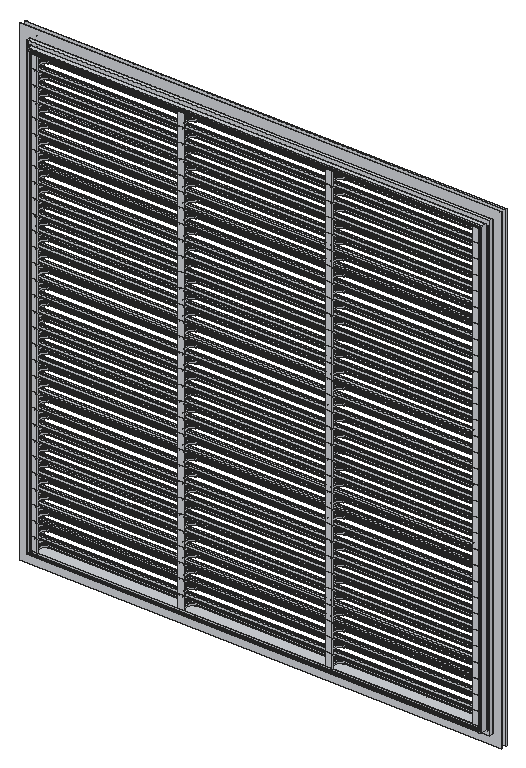
Revit family "NLRS_00_GM_Akoesische raamrooster_ST-445-86GL-24_Storax", category Generic Models, Revit 2019
Family settings
  Can host rebar = No
  Round Connector Dimension = Use Diameter
  Part Type = Normal
  Work Plane-Based = Yes
  Always vertical = No
  Cut with Voids When Loaded = Yes
  Shared = No
  Room Calculation Point = No
Parameters
  Width [instance] = 2000 mm
  VerticalSpacingLamel = 60 mm  # constant formula
  Rooster Start = 62.5 mm
  Rooster End = 62.5 mm
  LamellendragerHoH [instance] = 500 mm
  LamellendragerArayNumber [instance] = (Width - ArrayStartLeft - ArrayStartRight) / LamellendragerHoH  # 4
  Height [instance] = 2000 mm
  Default Elevation = 1219.2 mm
  Calculated Width Rooster [instance] = Width - Rooster Start - Rooster End  # 1875 mm
  Calculated Heigth Rooster [instance] = Calculated Height - 62.5 * 2 mm  # 1869 mm
  Calculated Height [instance] = round((Height - 14 mm) / VerticalSpacingLamel) * VerticalSpacingLamel + 14 mm  # 1994 mm
  Blade Number MODIFIER [instance] = 0
  Blade Height [instance] = Height - (2 mm * 62.5)  # 1875 mm
  ArrayStartRight [instance] = ArrayStartLeft  # 80 mm
  ArrayStartLeft [instance] = 80 mm
Reference planes
  plane 1 "Center (Front/Back)": y = 0
  plane 2 "Bottom": z = 0
  plane 3 "Left": x = 0
  plane 4 "Right": x = 2000
  plane 5 "Top": z = 1994
  plane 6: x = 80
  plane 7: x = 1920
  plane 8: z = 2000
  plane 9: x = 62.5
  plane 10: x = 1937.5
Forms (mm)
  Sweep 1, solid
    path origin (0, 0, 0) x (1, 0, 0) y (0, 0, 1)
      loop
        line (0, 1994) -> (0, 0) -> (2000, 0) -> (2000, 1994) -> (0, 1994)
    profile "Profiel_ST-445-86GL-24 : Profiel_ST-445-86GL-24" origin (1000, 0, 1994) x (0, 0, 1) y (0, -1, 0)
      loop
        line (-50.3, 56.8) -> (-50.3, 54.3)
        arc (-50.3, 54.3) -> (-50.446, 53.946) -> (-50.8, 53.8) r 0.5
        line (-50.8, 53.8) -> (-51.8, 53.8)
        arc (-51.8, 53.8) -> (-52.154, 53.946) -> (-52.3, 54.3) r 0.5
        line (-52.3, 54.3) -> (-52.3, 56.8) -> (-55.5, 56.8) -> (-55.5, -3) -> (-52.3, -3) -> (-52.3, -0.5)
        arc (-52.3, -0.5) -> (-52.154, -0.146) -> (-51.8, 0) r 0.5
        line (-51.8, 0) -> (-50.8, 0)
        arc (-50.8, 0) -> (-50.446, -0.146) -> (-50.3, -0.5) r 0.5
        line (-50.3, -0.5) -> (-50.3, -3) -> (-42, -3) -> (-42, 19)
        arc (-42, 19) -> (-41.121, 21.121) -> (-39, 22) r 3
        line (-39, 22) -> (-34, 22) -> (-34, 42) -> (-39, 42)
        arc (-39, 42) -> (-41.121, 42.879) -> (-42, 45) r 3
        line (-42, 45) -> (-42, 56.8) -> (-50.3, 56.8)
      loop
        line (0, 42) -> (0, 44) -> (-39, 44)
        arc (-39, 44) -> (-39.707, 44.293) -> (-40, 45) r 1
        line (-40, 45) -> (-40, 58.8) -> (-54.5, 58.8)
        arc (-54.5, 58.8) -> (-55.207, 59.093) -> (-55.5, 59.8) r 1
        line (-55.5, 59.8) -> (-55.5, 80.5)
        arc (-55.5, 80.5) -> (-56.5, 81.5) -> (-57.5, 80.5) r 1
        line (-57.5, 80.5) -> (-57.5, 76.5) -> (-61.5, 76.5) -> (-61.5, 79.025)
        arc (-61.5, 79.025) -> (-61.325, 80.72) -> (-63, 80.405) r 1.063
        line (-63, 80.405) -> (-63, 76.5) -> (-71, 76.5) -> (-71, 75) -> (-57.5, 75) -> (-57.5, -5) -> (-40, -5) -> (-40, 19)
        arc (-40, 19) -> (-39.707, 19.707) -> (-39, 20) r 1
        line (-39, 20) -> (0, 20) -> (0, 22) -> (-32, 22) -> (-32, 42) -> (0, 42)
Dimensions and locks
  "Width": plane 4 "Right" to plane 3 "Left"
  "Calculated Height": plane 5 "Top" to plane 2 "Bottom"
  equal spacing: group 1, group 3, group 4, group 2  (x3)
  "ArrayStartLeft": plane 6 to plane 3 "Left"
  "ArrayStartRight": plane 4 "Right" to plane 7
  "Height": plane 8 to plane 2 "Bottom"
  "Rooster Start": plane 9 to plane 3 "Left"
  "Rooster End": plane 4 "Right" to plane 10
  plane 3 "Left" to Sweep 1 = 57.5 mm
  aligned and locked: level to plane 2 "Bottom"
  aligned and locked: Sweep 1 sketch curve to plane 5 "Top"
  aligned and locked: plane 3 "Left" to Sweep 1 sketch curve
  aligned and locked: Sweep 1 sketch curve to plane 2 "Bottom"
  aligned and locked: Sweep 1 sketch curve to plane 4 "Right"
  aligned and locked: nested 1 to plane 6
  aligned and locked: nested 2 to plane 7
  aligned and locked: nested 3 to plane 9
Nested families
  nested 1: "NLRS_21_GM_Lamellenhouder_ST-060-AC-11-12" at (80, -75, 66.394) x (0, -1, 0) z (0, 0, 1), Length <- "Blade Height", Blade Number MODIFIER <- "Blade Number MODIFIER", type "NLRS_21_GM_Lamellenhouder_ST-060-AC-11-12"
    with Length 1875 mm, Blade Spacing 60 mm, Blade Number MODIFIER 0, Blade Number 31
  nested 2: "NLRS_21_GM_Lamellenhouder_ST-060-AC-11-12" at (1920, -75, 66.394) x (0, -1, 0) z (0, 0, 1), Length <- "Blade Height", Blade Number MODIFIER <- "Blade Number MODIFIER", type "NLRS_21_GM_Lamellenhouder_ST-060-AC-11-12"
    with Length 1875 mm, Blade Spacing 60 mm, Blade Number MODIFIER 0, Blade Number 31
  nested 3: "NLRS_21_GM_Lamellenrooster_ST-060-AC-11-12" at (1000, -60.49, 62.5) x (0, -1, 0) z (0, 0, 1), Length <- "Calculated Heigth Rooster", Width <- "Calculated Width Rooster", type "NLRS_21_GM_Lamellenrooster_ST-060-AC-11-12"
    with Width 1875 mm, Length 1869 mm, Blade Spacing 60 mm, Blade Number MODIFIER 0, Blade Number 31
  nested 4: "NLRS_21_GM_Lamellenhouder_ST-060-AC-11-12" at (693.333, -75, 66.394) x (0, -1, 0) z (0, 0, 1), Length <- "Blade Height", Blade Number MODIFIER <- "Blade Number MODIFIER", type "NLRS_21_GM_Lamellenhouder_ST-060-AC-11-12"
    with Length 1875 mm, Blade Spacing 60 mm, Blade Number MODIFIER 0, Blade Number 31
  nested 5: "NLRS_21_GM_Lamellenhouder_ST-060-AC-11-12" at (1306.667, -75, 66.394) x (0, -1, 0) z (0, 0, 1), Length <- "Blade Height", Blade Number MODIFIER <- "Blade Number MODIFIER", type "NLRS_21_GM_Lamellenhouder_ST-060-AC-11-12"
    with Length 1875 mm, Blade Spacing 60 mm, Blade Number MODIFIER 0, Blade Number 31
Definition of nested family "NLRS_21_GM_Lamellenhouder_ST-060-AC-11-12"
  Parameters (values of type "NLRS_21_GM_Lamellenhouder_ST-060-AC-11-12")
    Length [instance] = 600 mm
    Blade Spacing [instance] = 60 mm
    Blade Number MODIFIER [instance] = 0
    Blade Number [instance] = (Length / Blade Spacing) + Blade Number MODIFIER  # 10
  Reference planes
    plane 1 "Center (Front/Back)": y = 0
    plane 2: z = 0
    plane 3 "Center (Left/Right)": x = 0
    plane 4: z = 600
    plane 5: z = 60
    plane 6: z = 120
    plane 7: z = 180
    plane 8: z = 240
    plane 9: z = 300
    plane 10: z = 0
    plane 11: z = 60
    plane 12: z = 120
    plane 13: z = 180
    plane 14: z = 240
    plane 15: z = 360
    plane 16: z = 300
    plane 17: z = 420
    plane 18: z = 360
    plane 19: z = 480
    plane 20: z = 420
    plane 21: z = 540
    plane 22: z = 480
    plane 23: z = 600
    plane 24: z = 540
  Dimensions and locks
    equal spacing: group 1, group 2, group 3, group 4, group 5, group 6, group 7, group 8, group 9, group 10  (x3)
    "Blade Spacing": plane 5 to plane 10
    "Length": plane 4 to level
    aligned and locked: level to plane 2
  Nested families
    nested 1: "NLRS_00_GM_PRF_ST-060-AC-11-12" at (0, 0, 0) x (0, -1, 0) z (0, 0, 1), type "NLRS_00_GM_PRF_ST-060-AC-11-12"
    nested 2: "NLRS_00_GM_PRF_ST-060-AC-11-12" at (0, 0, 60) x (0, -1, 0) z (0, 0, 1), type "NLRS_00_GM_PRF_ST-060-AC-11-12"
    nested 3: "NLRS_00_GM_PRF_ST-060-AC-11-12" at (0, 0, 120) x (0, -1, 0) z (0, 0, 1), type "NLRS_00_GM_PRF_ST-060-AC-11-12"
    nested 4: "NLRS_00_GM_PRF_ST-060-AC-11-12" at (0, 0, 180) x (0, -1, 0) z (0, 0, 1), type "NLRS_00_GM_PRF_ST-060-AC-11-12"
    nested 5: "NLRS_00_GM_PRF_ST-060-AC-11-12" at (0, 0, 240) x (0, -1, 0) z (0, 0, 1), type "NLRS_00_GM_PRF_ST-060-AC-11-12"
    nested 6: "NLRS_00_GM_PRF_ST-060-AC-11-12" at (0, 0, 300) x (0, -1, 0) z (0, 0, 1), type "NLRS_00_GM_PRF_ST-060-AC-11-12"
    nested 7: "NLRS_00_GM_PRF_ST-060-AC-11-12" at (0, 0, 360) x (0, -1, 0) z (0, 0, 1), type "NLRS_00_GM_PRF_ST-060-AC-11-12"
    nested 8: "NLRS_00_GM_PRF_ST-060-AC-11-12" at (0, 0, 420) x (0, -1, 0) z (0, 0, 1), type "NLRS_00_GM_PRF_ST-060-AC-11-12"
    nested 9: "NLRS_00_GM_PRF_ST-060-AC-11-12" at (0, 0, 480) x (0, -1, 0) z (0, 0, 1), type "NLRS_00_GM_PRF_ST-060-AC-11-12"
    nested 10: "NLRS_00_GM_PRF_ST-060-AC-11-12" at (0, 0, 540) x (0, -1, 0) z (0, 0, 1), type "NLRS_00_GM_PRF_ST-060-AC-11-12"
  Definition of nested family "NLRS_00_GM_PRF_ST-060-AC-11-12"
    Parameters
      Connector width = 232.51 mm
    Reference planes
      plane 1 "Center (Front/Back)": y = 0
      plane 2: z = 0
      plane 3 "Center (Left/Right)": x = 0
    Forms (mm)
      Sweep 1, solid
        path origin (0, 0, 0) x (1, 0, 0) y (0, 1, 0)
          loop
            line (14, 0) -> (-14, 0)
        profile "NLRS_00_PRF_ST-060-AC-11-12 : NLRS_00_PRF_ST-060-AC-11-12" origin (0, 0, 0) x (0, -1, 0) y (0, 0, 1)
          loop
            line (59.317, -1.551) -> (61.193, -4) -> (62.7, -4)
            arc (62.7, -4) -> (63.148, -3.721) -> (63.097, -3.196) r 0.5
            line (63.097, -3.196) -> (59.833, 1.065) -> (61.013, 2.146) -> (62.362, 0.908)
            arc (62.362, 0.908) -> (62.901, 0.819) -> (63.2, 1.276) r 0.5
            line (63.2, 1.276) -> (63.2, 3.671)
            arc (63.2, 3.671) -> (62.006, 5.502) -> (59.85, 5.147) r 2
            line (59.85, 5.147) -> (59.115, 4.474)
            arc (59.115, 4.474) -> (58.076, 3.975) -> (56.934, 4.131) r 2
            line (56.934, 4.131) -> (31.126, 15.917)
            arc (31.126, 15.917) -> (27.409, 17.191) -> (23.515, 17.713) r 20
            line (23.515, 17.713) -> (3.965, 18.395)
            arc (3.965, 18.395) -> (3.281, 18.7) -> (3, 19.395) r 1
            line (3, 19.395) -> (3, 49.245)
            arc (3, 49.245) -> (3.746, 50.802) -> (5.426, 51.199) r 2
            arc (5.426, 51.199) -> (10.671, 49.093) -> (14.935, 45.385) r 17
            arc (14.935, 45.385) -> (16.062, 44.536) -> (17.453, 44.296) r 3
            arc (17.453, 44.296) -> (18.649, 44.459) -> (19.684, 45.08) r 3
            line (19.684, 45.08) -> (21.901, 47.117)
            arc (21.901, 47.117) -> (22.411, 49.316) -> (20.547, 50.59) r 2
            line (20.547, 50.59) -> (17.044, 50.59) -> (18.78, 48.323) -> (17.598, 47.238) -> (15.328, 49.322)
            arc (15.328, 49.322) -> (9.588, 53.012) -> (2.943, 54.557) r 20
            arc (2.943, 54.557) -> (2.273, 54.869) -> (2, 55.555) r 1
            line (2, 55.555) -> (2, 60) -> (0, 60) -> (0, 0) -> (2.1, 0) -> (2.1, -4) -> (4, -4) -> (4, 2) -> (3, 2) -> (3, 11.168)
            arc (3, 11.168) -> (3.586, 12.582) -> (5, 13.168) r 2
            line (5, 13.168) -> (24.169, 13.168)
            arc (24.169, 13.168) -> (27.297, 12.859) -> (30.304, 11.945) r 16
            line (30.304, 11.945) -> (55.213, 1.604)
            arc (55.213, 1.604) -> (57.473, 0.297) -> (59.317, -1.551) r 10
    Dimensions and locks
      aligned and locked: level to plane 2
Definition of nested family "NLRS_21_GM_Lamellenrooster_ST-060-AC-11-12"
  Parameters (values of type "NLRS_21_GM_Lamellenrooster_ST-060-AC-11-12")
    Width [instance] = 600 mm
    Length [instance] = 600 mm
    Blade Spacing [instance] = 60 mm
    Blade Number MODIFIER [instance] = 0
    Blade Number [instance] = (Length / Blade Spacing) + Blade Number MODIFIER  # 10
  Reference planes
    plane 1 "Center (Front/Back)": y = 0
    plane 2: z = 0
    plane 3 "Center (Left/Right)": x = 0
    plane 4: z = 600
    plane 5: z = 60
    plane 6: z = 0
    plane 7: z = 0
    plane 8: z = 120
    plane 9: z = 60
    plane 10: z = 180
    plane 11: z = 120
    plane 12: z = 240
    plane 13: z = 180
    plane 14: z = 300
    plane 15: z = 240
    plane 16: z = 360
    plane 17: z = 300
    plane 18: z = 420
    plane 19: z = 360
    plane 20: z = 480
    plane 21: z = 420
    plane 22: z = 540
    plane 23: z = 480
    plane 24: z = 600
    plane 25: z = 540
  Dimensions and locks
    "Blade Spacing": plane 5 to plane 6
    "Length": plane 4 to level
    equal spacing: group 1, group 2, group 3, group 4, group 5, group 6, group 7, group 8, group 9, group 10  (x3)
    aligned and locked: level to plane 2
  Nested families
    nested 1: "NLRS_00_GM_PRF_Rooster" at (-63.988, 0, 0) x (0, -1, 0) z (0, 0, 1), Width <- "Width", type "NLRS_00_GM_PRF_Rooster"
      with Width 600 mm, Length 500 mm
    nested 2: "NLRS_00_GM_PRF_Rooster" at (-63.988, 0, 60) x (0, -1, 0) z (0, 0, 1), Width <- "Width", type "NLRS_00_GM_PRF_Rooster"
      with Width 600 mm, Length 500 mm
    nested 3: "NLRS_00_GM_PRF_Rooster" at (-63.988, 0, 120) x (0, -1, 0) z (0, 0, 1), Width <- "Width", type "NLRS_00_GM_PRF_Rooster"
      with Width 600 mm, Length 500 mm
    nested 4: "NLRS_00_GM_PRF_Rooster" at (-63.988, 0, 180) x (0, -1, 0) z (0, 0, 1), Width <- "Width", type "NLRS_00_GM_PRF_Rooster"
      with Width 600 mm, Length 500 mm
    nested 5: "NLRS_00_GM_PRF_Rooster" at (-63.988, 0, 240) x (0, -1, 0) z (0, 0, 1), Width <- "Width", type "NLRS_00_GM_PRF_Rooster"
      with Width 600 mm, Length 500 mm
    nested 6: "NLRS_00_GM_PRF_Rooster" at (-63.988, 0, 300) x (0, -1, 0) z (0, 0, 1), Width <- "Width", type "NLRS_00_GM_PRF_Rooster"
      with Width 600 mm, Length 500 mm
    nested 7: "NLRS_00_GM_PRF_Rooster" at (-63.988, 0, 360) x (0, -1, 0) z (0, 0, 1), Width <- "Width", type "NLRS_00_GM_PRF_Rooster"
      with Width 600 mm, Length 500 mm
    nested 8: "NLRS_00_GM_PRF_Rooster" at (-63.988, 0, 420) x (0, -1, 0) z (0, 0, 1), Width <- "Width", type "NLRS_00_GM_PRF_Rooster"
      with Width 600 mm, Length 500 mm
    nested 9: "NLRS_00_GM_PRF_Rooster" at (-63.988, 0, 480) x (0, -1, 0) z (0, 0, 1), Width <- "Width", type "NLRS_00_GM_PRF_Rooster"
      with Width 600 mm, Length 500 mm
    nested 10: "NLRS_00_GM_PRF_Rooster" at (-63.988, 0, 540) x (0, -1, 0) z (0, 0, 1), Width <- "Width", type "NLRS_00_GM_PRF_Rooster"
      with Width 600 mm, Length 500 mm
  Definition of nested family "NLRS_00_GM_PRF_Rooster"
    Parameters (values of type "NLRS_00_GM_PRF_Rooster")
      Width [instance] = 900 mm
      Length [instance] = 500 mm
      Connector width = 232.51 mm
    Reference planes
      plane 1 "Center (Front/Back)": y = 0
      plane 2: z = 0
      plane 3 "Center (Left/Right)": x = 0
      plane 4: x = -450
      plane 5: x = 450
    Forms (mm)
      Sweep 1, solid
        path origin (0, 0, 0) x (1, 0, 0) y (0, 1, 0)
          loop
            line (450, 0) -> (-450, 0)
        profile "NLRS_00_GM_PRF_Akoestische Rooster : NLRS_00_GM_PRF_Akoestische Rooster" origin (0, 0, 0) x (0, -1, 0) y (0, 0, 1)
          loop
            line (18.592, 5.027) -> (17.485, 6.04) -> (14.438, 2.707)
            arc (14.438, 2.707) -> (13.984, 2.369) -> (13.437, 2.223) r 1.5
            line (13.437, 2.223) -> (4.286, 1.574)
            arc (4.286, 1.574) -> (1.972, 1.672) -> (1.669, 3.967) r 1.8
            line (1.669, 3.967) -> (1.518, 12.145)
            arc (1.518, 12.145) -> (1.316, 13.803) -> (2.564, 14.914) r 1.8
            line (2.564, 14.914) -> (48.879, 65.56)
            arc (48.879, 65.56) -> (49.874, 66.903) -> (51.544, 66.849) r 1.8
            line (51.544, 66.849) -> (59.702, 67.427)
            arc (59.702, 67.427) -> (62.016, 67.33) -> (62.319, 65.035) r 1.8
            line (62.319, 65.035) -> (62.489, 55.862)
            arc (62.489, 55.862) -> (62.392, 55.304) -> (62.096, 54.822) r 1.5
            line (62.096, 54.822) -> (59.731, 52.236) -> (60.838, 51.223) -> (63.203, 53.81)
            arc (63.203, 53.81) -> (63.795, 54.774) -> (63.988, 55.89) r 3
            line (63.988, 55.89) -> (63.801, 66.057)
            arc (63.801, 66.057) -> (62.826, 68.216) -> (60.589, 68.994) r 3
            line (60.589, 68.994) -> (50.445, 68.275)
            arc (50.445, 68.275) -> (49.351, 67.983) -> (48.444, 67.307) r 3
            line (48.444, 67.307) -> (0.786, 15.192)
            arc (0.786, 15.192) -> (0.193, 14.227) -> (0, 13.112) r 3
            line (0, 13.112) -> (0.188, 2.945)
            arc (0.188, 2.945) -> (1.163, 0.786) -> (3.399, 0.008) r 3
            line (3.399, 0.008) -> (13.543, 0.727)
            arc (13.543, 0.727) -> (14.637, 1.019) -> (15.545, 1.695) r 3
            line (15.545, 1.695) -> (18.592, 5.027)
    Dimensions and locks
      equal spacing: plane 5, plane 3 "Center (Left/Right)", plane 4
      "Width": plane 5 to plane 4
      aligned and locked: level to plane 2
      aligned and locked: plane 4 to Sweep 1 sketch curve
      aligned and locked: plane 5 to Sweep 1 sketch curve
    Automatic sketch dimensions
      plane 1 "Center (Front/Back)" to Sweep 1 sketch curve = 0 mm
